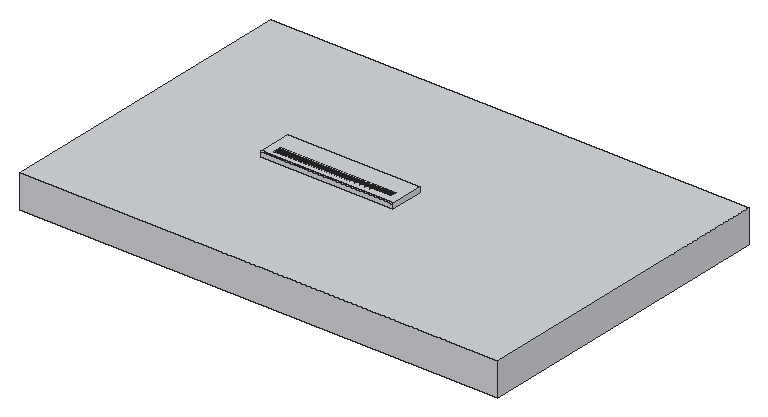
Revit family
Parameters
  Width = 1' - 0"
  URL = "www.coldspringgranite.com"
  TypicalJointSize = 0' - 0 1/2"
  StopCarborundumRight = 0' - 3"
  StopCarborundumLeft = 0' - 3"
  StoneMaterial = none
  SettingSpace = AirGap + Height  # 0' - 2 15/16"
  RightCarborundumVisibilityOn = not(RightCarborundumVisibilityOff)  # no
  RightCarborundumVisibilityOff = StopCarborundumRight > 0' 0"  # yes
  Product Name = "Stair Tread Stone for Veneered Application - Square Front Edge with Four Carborundum Strips"
  Product Documentation Link = "http://www.coldspringgranite.com/BIM_Families/Family_Detail/Stair_Tread_Stone_for_Veneered_Application_–_Square_Front_Edge_with_Four_Carborundum_Strips/"
  PhoneNumber = "800-551-7502"
  Notes = ""
  NosingRadius = 0' - 0 1/4"
  Model = "N/A"
  Manufacturer = "Cold Spring Granite Company"
  Low Emitting Material = yes
  Low Emitting Finish = yes
  Location = "17482 Granite West Road, Cold Spring, MN 56320-4578"
  Length = 4' - 0"
  LeftCarborundumVisibilityOff = StopCarborundumLeft > 0' 0"  # yes
  LEED Credit = ""
  Keynote = "096340"
  JointRightOff = no
  JointRight = if(JointRightOff, 0' 0", TypicalJointSize / 2)  # 0' - 0 1/4"
  JointLeftOff = no
  JointLeft = if(JointLeftOff, 0' 0", TypicalJointSize / 2)  # 0' - 0 1/4"
  Height = 0' - 1 15/16"
  Description = "Stone Stair Tread Veneer Square Quadruple Carborundum"
  Default Elevation = 0' - 0"
  CarborundumWidth = 0' - 0 3/8"
  LeftCarborundumVisibilityOn = not(LeftCarborundumVisibilityOff)  # no
  CarborundumSpacing = 0' - 0 1/2"
  CarborundumSetBack = 0' - 2"
  CarborundumDepth = 0' - 0 1/4"
  Assembly Code = "C2010100"
  AirGap = 0' - 1"
  ADA Compliant = yes
Reference planes (in)
  plane 1 "Center (Front/Back)": y = 0
  plane 2: z = 0
  plane 3 "Center (Left/Right)": x = 0
  plane 4 "StoneLeft": x = 0.25
  plane 5 "StoneRight": x = 47.75
  plane 6 "Right": x = 48
  plane 7 "CarborundumLeft": x = 3.25
  plane 8 "CarborundumRight": x = 44.75
  plane 9 "StoneBack": y = 12
  plane 10 "StoneFace": z = 2.9375
  plane 11 "CarborundumBottom": z = 2.6875
  plane 12 "StoneBottom": z = 1
  plane 13 "FirstCarborundumFront": y = 2
  plane 14 "FirstCarborundumBack": y = 2.375
  plane 15 "SecondCarborundumFront": y = 2.875
  plane 16 "SecondCarborundumBack": y = 3.25
  plane 17 "ThirdCarborundumFront": y = 3.75
  plane 18 "ThirdCarborundumBack": y = 4.125
  plane 19 "FourthCarborundumFront": y = 4.625
  plane 20 "FourthCarborundumBack": y = 5
Forms (in)
  Extrusion 1, solid
    sketch origin (0, 0, 0) x (1, 0, 0) y (0, 1, 0)
      loop
        line (-48, 64.5) -> (-48, -48) -> (124.0595, -48) -> (124.0595, 64.5) -> (-48, 64.5)
    from 0 to -12
  Extrusion 2, solid, material <- "StoneMaterial", detail levels medium+fine
    sketch origin (0, 0, 0) x (0, 1, 0) y (0, 0, 1)
      loop
        line (12, 2.9375) -> (0.25, 2.9375)
        arc (0.25, 2.9375) -> (0.07322, 2.86428) -> (0, 2.6875) r 0.25
        line (0, 2.6875) -> (0, 1) -> (12, 1) -> (12, 2.9375)
    from 0.25 to 47.75
  Extrusion 3, void
    sketch origin (0, 0, 0) x (0, 1, 0) y (0, 0, 1)
      loop
        line (2.375, 2.9375) -> (2, 2.9375) -> (2, 2.6875) -> (2.375, 2.6875) -> (2.375, 2.9375)
      loop
        line (3.25, 2.9375) -> (2.875, 2.9375) -> (2.875, 2.6875) -> (3.25, 2.6875) -> (3.25, 2.9375)
      loop
        line (4.125, 2.9375) -> (3.75, 2.9375) -> (3.75, 2.6875) -> (4.125, 2.6875) -> (4.125, 2.9375)
      loop
        line (5, 2.9375) -> (4.625, 2.9375) -> (4.625, 2.6875) -> (5, 2.6875) -> (5, 2.9375)
    from 3.25 to 44.75
  Extrusion 4, solid, material <- "StoneMaterial", detail levels coarse
    sketch origin (0, 0, 0) x (0, 1, 0) y (0, 0, 1)
      loop
        line (12, 2.9375) -> (0, 2.9375) -> (0, 1) -> (12, 1) -> (12, 2.9375)
    from 0 to 48
Cuts and joins
  Extrusion 3 cuts Extrusion 2
Lines and regions (in)
  Masking region 1, detail levels coarse
    outline origin (0, 0, 0) x (1, 0, 0) y (0, 1, 0)
      loop
        line (0, 12) -> (0, 0) -> (48, 0) -> (48, 12) -> (0, 12)
  Masking region 2, detail levels medium+fine
    outline origin (0, 0, 0) x (1, 0, 0) y (0, 1, 0)
      loop
        line (0.25, 12) -> (0.25, 0) -> (47.75, 0) -> (47.75, 12) -> (0.25, 12)
  Masking region 3, detail levels coarse
    outline origin (0, 0, 0) x (1, 0, 0) y (0, 0, 1)
      loop
        line (0, 2.9375) -> (0, 1) -> (48, 1) -> (48, 2.9375) -> (0, 2.9375)
  Masking region 4, detail levels medium+fine
    outline origin (0, 0, 0) x (1, 0, 0) y (0, 0, 1)
      loop
        line (0.25, 2.9375) -> (0.25, 1) -> (47.75, 1) -> (47.75, 2.9375) -> (0.25, 2.9375)
  Masking region 5, detail levels coarse
    outline origin (0, 0, 0) x (0, 1, 0) y (0, 0, 1)
      loop
        line (12, 2.9375) -> (0, 2.9375) -> (0, 1) -> (12, 1) -> (12, 2.9375)
  Masking region 6, detail levels fine
    outline origin (0, 0, 0) x (0, 1, 0) y (0, 0, 1)
      loop
        line (12, 2.9375) -> (5, 2.9375) -> (5, 2.6875) -> (4.625, 2.6875) -> (4.625, 2.9375) -> (4.125, 2.9375) -> (4.125, 2.6875) -> (3.75, 2.6875) -> (3.75, 2.9375) -> (3.25, 2.9375) -> (3.25, 2.6875) -> (2.875, 2.6875) -> (2.875, 2.9375) -> (2.375, 2.9375) -> (2.375, 2.6875) -> (2, 2.6875) -> (2, 2.9375) -> (0.25, 2.9375)
        arc (0.25, 2.9375) -> (0.07322, 2.86428) -> (0, 2.6875) r 0.25
        line (0, 2.6875) -> (0, 1) -> (12, 1) -> (12, 2.9375)
  Masking region 7, visible <- "LeftCarborundumVisibilityOn", detail levels medium
    outline origin (0, 0, 0) x (0, 1, 0) y (0, 0, 1)
      loop
        line (12, 1) -> (12, 2.9375) -> (5, 2.9375) -> (5, 2.6875) -> (4.625, 2.6875) -> (4.625, 2.9375) -> (4.125, 2.9375) -> (4.125, 2.6875) -> (3.75, 2.6875) -> (3.75, 2.9375) -> (3.25, 2.9375) -> (3.25, 2.6875) -> (2.875, 2.6875) -> (2.875, 2.9375) -> (2.375, 2.9375) -> (2.375, 2.6875) -> (2, 2.6875) -> (2, 2.9375) -> (0.25, 2.9375)
        arc (0.25, 2.9375) -> (0.07322, 2.86428) -> (0, 2.6875) r 0.25
        line (0, 2.6875) -> (0, 1) -> (12, 1)
  Masking region 8, visible <- "LeftCarborundumVisibilityOff", detail levels medium
    outline origin (0, 0, 0) x (0, 1, 0) y (0, 0, 1)
      loop
        line (12, 2.9375) -> (0.25, 2.9375)
        arc (0.25, 2.9375) -> (0.07322, 2.86428) -> (0, 2.6875) r 0.25
        line (0, 2.6875) -> (0, 1) -> (12, 1) -> (12, 2.9375)
  Masking region 9, visible <- "RightCarborundumVisibilityOn", detail levels medium
    outline origin (48, 0, 0) x (0, 1, 0) y (0, 0, 1)
      loop
        line (12, 2.9375) -> (5, 2.9375) -> (5, 2.6875) -> (4.625, 2.6875) -> (4.625, 2.9375) -> (4.125, 2.9375) -> (4.125, 2.6875) -> (3.75, 2.6875) -> (3.75, 2.9375) -> (3.25, 2.9375) -> (3.25, 2.6875) -> (2.875, 2.6875) -> (2.875, 2.9375) -> (2.375, 2.9375) -> (2.375, 2.6875) -> (2, 2.6875) -> (2, 2.9375) -> (0.25, 2.9375)
        arc (0.25, 2.9375) -> (0.07322, 2.86428) -> (0, 2.6875) r 0.25
        line (0, 2.6875) -> (0, 1) -> (12, 1) -> (12, 2.9375)
  Masking region 10, visible <- "RightCarborundumVisibilityOff", detail levels medium
    outline origin (48, 0, 0) x (0, 1, 0) y (0, 0, 1)
      loop
        arc (0.25, 2.9375) -> (0.07322, 2.86428) -> (0, 2.6875) r 0.25
        line (0, 2.6875) -> (0, 1) -> (12, 1) -> (12, 2.9375) -> (0.25, 2.9375)
  symbolic lines, detail levels medium+fine
    curve 1: line (3.25, 2.375, 0) -> (44.75, 2.375, 0)
    curve 2: line (3.25, 2, 0) -> (3.25, 2.375, 0)
    curve 3: line (44.75, 2, 0) -> (3.25, 2, 0)
    curve 4: line (44.75, 2.375, 0) -> (44.75, 2, 0)
    curve 5: line (44.75, 2.875, 0) -> (3.25, 2.875, 0)
    curve 6: line (44.75, 3.25, 0) -> (3.25, 3.25, 0)
    curve 7: line (44.75, 3.75, 0) -> (3.25, 3.75, 0)
    curve 8: line (44.75, 4.125, 0) -> (3.25, 4.125, 0)
    curve 9: line (3.25, 3.25, 0) -> (3.25, 2.875, 0)
    curve 10: line (44.75, 3.25, 0) -> (44.75, 2.875, 0)
    curve 11: line (44.75, 4.125, 0) -> (44.75, 3.75, 0)
    curve 12: line (3.25, 4.125, 0) -> (3.25, 3.75, 0)
    curve 13: line (3.25, 5, 0) -> (44.75, 5, 0)
    curve 14: line (3.25, 4.625, 0) -> (3.25, 5, 0)
    curve 15: line (44.75, 4.625, 0) -> (3.25, 4.625, 0)
    curve 16: line (44.75, 5, 0) -> (44.75, 4.625, 0)
Dimensions and locks (in)
  "Length": plane 3 "Center (Left/Right)" to plane 6 "Right"
  "JointLeft": plane 3 "Center (Left/Right)" to plane 4 "StoneLeft"
  "JointRight": plane 5 "StoneRight" to plane 6 "Right"
  "Width": plane 1 "Center (Front/Back)" to plane 9 "StoneBack"
  "StopCarborundumLeft": plane 7 "CarborundumLeft" to plane 4 "StoneLeft"
  "StopCarborundumRight": plane 5 "StoneRight" to plane 8 "CarborundumRight"
  "Height": plane 10 "StoneFace" to plane 12 "StoneBottom"
  "SettingSpace": plane 10 "StoneFace" to plane 2
  "CarborundumDepth": plane 10 "StoneFace" to plane 11 "CarborundumBottom"
  "CarborundumSetBack": plane 13 "FirstCarborundumFront" to plane 1 "Center (Front/Back)"
  "CarborundumWidth": plane 14 "FirstCarborundumBack" to plane 13 "FirstCarborundumFront"
  "CarborundumSpacing": plane 15 "SecondCarborundumFront" to plane 14 "FirstCarborundumBack"
  "CarborundumWidth": plane 16 "SecondCarborundumBack" to plane 15 "SecondCarborundumFront"
  "CarborundumSpacing": plane 17 "ThirdCarborundumFront" to plane 16 "SecondCarborundumBack"
  "CarborundumWidth": plane 18 "ThirdCarborundumBack" to plane 17 "ThirdCarborundumFront"
  "CarborundumSpacing": plane 19 "FourthCarborundumFront" to plane 18 "ThirdCarborundumBack"
  "CarborundumWidth": plane 20 "FourthCarborundumBack" to plane 19 "FourthCarborundumFront"
  "NosingRadius": radius of Extrusion 2 sketch curve
  aligned and locked: Extrusion 1 to plane 2
  aligned and locked: level to Extrusion 1
  aligned and locked: Extrusion 2 sketch curve to plane 10 "StoneFace"
  aligned and locked: Extrusion 2 sketch curve to plane 9 "StoneBack"
  aligned and locked: plane 12 "StoneBottom" to Extrusion 2 sketch curve
  aligned and locked: Extrusion 2 sketch curve to plane 1 "Center (Front/Back)"
  aligned and locked: plane 5 "StoneRight" to Extrusion 2
  aligned and locked: Extrusion 2 to plane 4 "StoneLeft"
  aligned and locked: Extrusion 3 sketch curve to plane 10 "StoneFace"  (x4)
  aligned and locked: Extrusion 3 sketch curve to plane 14 "FirstCarborundumBack"
  aligned and locked: plane 11 "CarborundumBottom" to Extrusion 3 sketch curve  (x4)
  aligned and locked: plane 13 "FirstCarborundumFront" to Extrusion 3 sketch curve
  aligned: Extrusion 3 to plane 4 "StoneLeft"
  aligned: plane 6 "Right" to Extrusion 3
  aligned and locked: Extrusion 3 to plane 7 "CarborundumLeft"
  aligned and locked: plane 8 "CarborundumRight" to Extrusion 3
  aligned and locked: Extrusion 4 sketch curve to plane 10 "StoneFace"
  aligned and locked: Extrusion 4 sketch curve to plane 9 "StoneBack"
  aligned and locked: plane 12 "StoneBottom" to Extrusion 4 sketch curve
  aligned and locked: Extrusion 4 sketch curve to plane 1 "Center (Front/Back)"
  aligned and locked: plane 6 "Right" to Extrusion 4
  aligned and locked: curve 4 to plane 8 "CarborundumRight"
  aligned and locked: plane 3 "Center (Left/Right)" to Masking region 1 sketch curve
  aligned and locked: Masking region 1 sketch curve to plane 9 "StoneBack"
  aligned and locked: Masking region 1 sketch curve to plane 6 "Right"
  aligned and locked: Masking region 1 sketch curve to plane 1 "Center (Front/Back)"
  aligned and locked: Masking region 2 to plane 4 "StoneLeft"
  aligned and locked: plane 9 "StoneBack" to Masking region 2
  aligned and locked: plane 5 "StoneRight" to Masking region 2
  aligned and locked: plane 1 "Center (Front/Back)" to Masking region 2
  aligned and locked: plane 3 "Center (Left/Right)" to Masking region 3 sketch curve
  aligned and locked: Masking region 3 sketch curve to plane 10 "StoneFace"
  aligned and locked: Masking region 3 sketch curve to plane 6 "Right"
  aligned and locked: plane 12 "StoneBottom" to Masking region 3 sketch curve
  aligned and locked: plane 4 "StoneLeft" to Masking region 4 sketch curve
  aligned and locked: Masking region 4 sketch curve to plane 10 "StoneFace"
  aligned and locked: Masking region 4 sketch curve to plane 5 "StoneRight"
  aligned and locked: plane 12 "StoneBottom" to Masking region 4 sketch curve
  aligned and locked: Masking region 5 sketch curve to plane 10 "StoneFace"
  aligned and locked: Masking region 5 sketch curve to plane 9 "StoneBack"
  aligned and locked: plane 12 "StoneBottom" to Masking region 5 sketch curve
  aligned and locked: Masking region 5 sketch curve to plane 1 "Center (Front/Back)"
  aligned and locked: plane 10 "StoneFace" to Masking region 6 sketch curve
  aligned and locked: plane 9 "StoneBack" to Masking region 6 sketch curve
  aligned and locked: plane 12 "StoneBottom" to Masking region 6 sketch curve
  aligned and locked: Masking region 6 sketch curve to cut or joined group of Extrusion 2, Extrusion 3
  aligned and locked: plane 13 "FirstCarborundumFront" to Masking region 6 sketch curve
  aligned and locked: plane 14 "FirstCarborundumBack" to Masking region 6 sketch curve
  aligned and locked: plane 11 "CarborundumBottom" to Masking region 6 sketch curve  (x3)
  aligned and locked: plane 9 "StoneBack" to Masking region 7 sketch curve
  aligned and locked: plane 10 "StoneFace" to Masking region 7 sketch curve
  aligned and locked: plane 14 "FirstCarborundumBack" to Masking region 7 sketch curve
  aligned and locked: plane 11 "CarborundumBottom" to Masking region 7 sketch curve  (x3)
  aligned and locked: plane 13 "FirstCarborundumFront" to Masking region 7 sketch curve
  aligned and locked: Masking region 7 sketch curve to cut or joined group of Extrusion 2, Extrusion 3
  aligned and locked: plane 12 "StoneBottom" to Masking region 7 sketch curve
  aligned and locked: plane 10 "StoneFace" to Masking region 8 sketch curve
  aligned and locked: Masking region 8 sketch curve to cut or joined group of Extrusion 2, Extrusion 3
  aligned and locked: plane 12 "StoneBottom" to Masking region 8 sketch curve
  aligned and locked: plane 9 "StoneBack" to Masking region 8 sketch curve
  aligned and locked: Masking region 9 sketch curve to plane 9 "StoneBack"
  aligned and locked: Masking region 9 sketch curve to plane 1 "Center (Front/Back)"
  aligned and locked: Masking region 9 sketch curve to cut or joined group of Extrusion 2, Extrusion 3
  aligned and locked: Masking region 9 sketch curve to plane 12 "StoneBottom"
  aligned and locked: Masking region 9 sketch curve to plane 13 "FirstCarborundumFront"
  aligned and locked: Masking region 9 sketch curve to plane 11 "CarborundumBottom"  (x2)
  aligned and locked: Masking region 9 sketch curve to plane 14 "FirstCarborundumBack"
  aligned and locked: Masking region 10 sketch curve to plane 9 "StoneBack"
  aligned and locked: Masking region 10 sketch curve to plane 12 "StoneBottom"
  aligned and locked: Masking region 10 sketch curve to plane 1 "Center (Front/Back)"
  aligned and locked: Masking region 10 sketch curve to cut or joined group of Extrusion 2, Extrusion 3
  aligned and locked: plane 16 "SecondCarborundumBack" to Extrusion 3 sketch curve
  aligned and locked: Extrusion 3 sketch curve to plane 15 "SecondCarborundumFront"
  aligned and locked: Extrusion 3 sketch curve to plane 17 "ThirdCarborundumFront"
  aligned and locked: plane 18 "ThirdCarborundumBack" to Extrusion 3 sketch curve
  aligned and locked: plane 18 "ThirdCarborundumBack" to Masking region 7 sketch curve
  aligned and locked: plane 17 "ThirdCarborundumFront" to Masking region 7 sketch curve
  aligned and locked: plane 16 "SecondCarborundumBack" to Masking region 7 sketch curve
  aligned and locked: plane 15 "SecondCarborundumFront" to Masking region 7 sketch curve
  aligned and locked: curve 7 to plane 17 "ThirdCarborundumFront"
  aligned and locked: plane 7 "CarborundumLeft" to curve 5
  aligned and locked: plane 7 "CarborundumLeft" to curve 1
  aligned and locked: plane 7 "CarborundumLeft" to curve 3
  aligned and locked: plane 8 "CarborundumRight" to curve 3
  aligned and locked: plane 8 "CarborundumRight" to curve 8
  aligned and locked: plane 15 "SecondCarborundumFront" to curve 9
  aligned and locked: plane 16 "SecondCarborundumBack" to curve 9
  aligned and locked: plane 17 "ThirdCarborundumFront" to curve 12
  aligned and locked: plane 18 "ThirdCarborundumBack" to curve 12
  aligned and locked: plane 15 "SecondCarborundumFront" to curve 10
  aligned and locked: plane 18 "ThirdCarborundumBack" to curve 11
  aligned and locked: plane 18 "ThirdCarborundumBack" to Masking region 6 sketch curve
  aligned and locked: plane 17 "ThirdCarborundumFront" to Masking region 6 sketch curve
  aligned and locked: plane 16 "SecondCarborundumBack" to Masking region 6 sketch curve
  aligned and locked: plane 15 "SecondCarborundumFront" to Masking region 6 sketch curve
  aligned and locked: Masking region 9 sketch curve to plane 15 "SecondCarborundumFront"
  aligned and locked: Masking region 9 sketch curve to plane 16 "SecondCarborundumBack"
  aligned and locked: Masking region 9 sketch curve to plane 17 "ThirdCarborundumFront"
  aligned and locked: Masking region 9 sketch curve to plane 18 "ThirdCarborundumBack"
  aligned and locked: plane 20 "FourthCarborundumBack" to Extrusion 3 sketch curve
  aligned and locked: Extrusion 3 sketch curve to plane 19 "FourthCarborundumFront"
  aligned and locked: plane 20 "FourthCarborundumBack" to Masking region 6 sketch curve
  aligned and locked: plane 19 "FourthCarborundumFront" to Masking region 6 sketch curve
  aligned and locked: plane 20 "FourthCarborundumBack" to Masking region 9 sketch curve
  aligned and locked: plane 19 "FourthCarborundumFront" to Masking region 9 sketch curve
  aligned and locked: plane 11 "CarborundumBottom" to Masking region 9 sketch curve
  aligned and locked: plane 20 "FourthCarborundumBack" to Masking region 7 sketch curve
  aligned and locked: plane 19 "FourthCarborundumFront" to Masking region 7 sketch curve
  aligned and locked: curve 16 to plane 8 "CarborundumRight"
  aligned and locked: curve 15 to plane 19 "FourthCarborundumFront"
  aligned and locked: plane 7 "CarborundumLeft" to curve 13
  aligned and locked: plane 7 "CarborundumLeft" to curve 15
  aligned and locked: plane 20 "FourthCarborundumBack" to curve 14
  aligned and locked: plane 19 "FourthCarborundumFront" to curve 14
  aligned and locked: plane 7 "CarborundumLeft" to curve 8
  aligned and locked: plane 7 "CarborundumLeft" to curve 6
  aligned and locked: plane 14 "FirstCarborundumBack" to curve 2
  aligned and locked: plane 13 "FirstCarborundumFront" to curve 2
  aligned and locked: plane 8 "CarborundumRight" to curve 15
  aligned and locked: plane 20 "FourthCarborundumBack" to curve 16
  aligned and locked: plane 8 "CarborundumRight" to curve 7
  aligned and locked: plane 8 "CarborundumRight" to curve 6
  aligned and locked: plane 16 "SecondCarborundumBack" to curve 10
  aligned and locked: plane 8 "CarborundumRight" to curve 5
  aligned and locked: plane 14 "FirstCarborundumBack" to curve 4
  aligned and locked: plane 13 "FirstCarborundumFront" to curve 4
  aligned and locked: Masking region 7 to plane 11 "CarborundumBottom"
  aligned and locked: Masking region 6 to plane 11 "CarborundumBottom"
  aligned and locked: Masking region 9 to plane 11 "CarborundumBottom"
  aligned and locked: Extrusion 4 to plane 3 "Center (Left/Right)"
Automatic sketch dimensions
  Extrusion 1 sketch curve to Extrusion 1 sketch curve = 14' - 4.0595"
  Extrusion 1 sketch curve to Extrusion 1 sketch curve = 9' - 4 1/2"
  plane 3 "Center (Left/Right)" to Masking region 2 sketch curve = 0' - 0 1/4"
  Masking region 2 sketch curve to plane 6 "Right" = 0' - 0 1/4"
  plane 1 "Center (Front/Back)" to Masking region 2 sketch curve = 0' - 0"
  plane 9 "StoneBack" to Masking region 2 sketch curve = 0' - 0"
  Masking region 9 sketch curve to Masking region 9 sketch curve = 0' - 0"  (x5)
  Masking region 7 sketch curve to Masking region 7 sketch curve = 0' - 0"  (x3)
  Masking region 7 sketch curve to plane 11 "CarborundumBottom" = 0' - 0"
  Masking region 6 sketch curve to Masking region 6 sketch curve = 0' - 0"  (x4)
Nested families (in)
  nested 1: "CopyRight" at (0, 0, 0), type "CopyRight"
Definition of nested family "CopyRight"
  Parameters (values of type "CopyRight")
    CopyRight = "Cold Spring Granite Company"
  Reference planes (in)
    plane 1: z = 0
